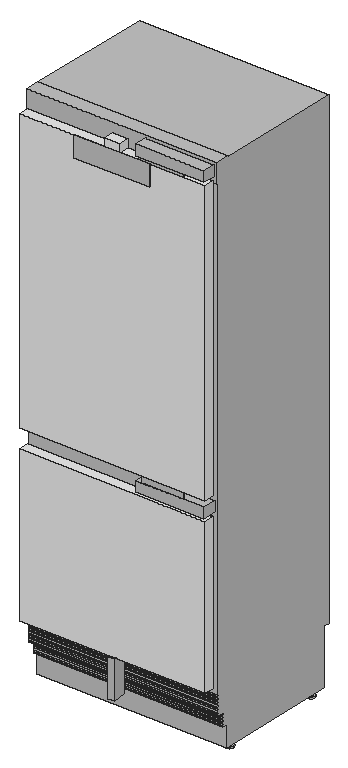
Revit family "FP_Revit_18_RS3084WRUK1_Fridge_90001084A", category Specialty Equipment, Revit 2018
Family settings
  Round Connector Dimension = Use Diameter
  Part Type = Normal
  OmniClass Number = 23.40.40.11.11
  OmniClass Title = Refrigerators and Freezers
  Work Plane-Based = No
  Always vertical = Yes
  Cut with Voids When Loaded = Yes
  Shared = No
  Room Calculation Point = No
Parameters (values of type "RS3084WRUK1")
  Visibility - Water Connection = yes
  Visibility - Visibility Control Note = yes
  Visibility - Clearance Required = yes
  URL = "www.fisherpaykel.com"
  Stainless Steel Door Panels (RD3084WRD) = no
  Product - Width = 756 mm  # constant formula
  Product - Height = 2134 mm  # constant formula
  Product - Depth (exl front panel) = 610 mm  # constant formula
  Model = "RS3084WRUK1"
  Material - Handle = Fisher & Paykel - Aluminium
  Material - Door Structure = Fisher & Paykel - White
  Material - Door Front = Fisher & Paykel - Stainless Steel
  Material - Body = Fisher & Paykel - Grey
  Manufacturer = "Fisher & Paykel Appliances"
  Handle Style - Professional Square (AHV2RD3084W) = no
  Handle Style - Professional Round Flush (AHP3RD3084W) = no
  Handle Style - Professional Round (AHCRD3084W) = no
  Handle Style - Contemporary Square Fine Black (AHD5RD3084WB) = no
  Handle Style - Contemporary Square Fine (AHD5RD3084W) = no
  Handle Style - Contemporary Square (AHD3RD3084W) = no
  Handle Style - Contemporary Round (AHSRD3084W) = no
  Description = "30\" Integrated Column Freezer with internal Ice & Water"
  Connector Description - Water = "1/4\" (6mm) comp. stainless steel braided hose"
  Connector Description - Electrical = "120 V, 10 amp fused electrical supply"
  Cavity - Width = 762 mm  # constant formula
  Cavity - Height = 2134 mm  # constant formula
  Cavity - Depth = 635 mm  # constant formula
Reference planes
  plane 1 "Center (Front/Back)": y = 0
  plane 2: z = 0
  plane 3 "Center (Left/Right)": x = 0
  plane 4 "Product LHS": x = -378
  plane 5 "Product RHS": x = 378
  plane 6 "Product - Depth": y = 610
  plane 7 "Cavity LHS": x = -381
  plane 8 "Cavity RHS": x = 381
  plane 9 "Cavity - Depth": y = 635
  plane 10 "Handle Offset": x = -315
  plane 11 "Product Height": z = 2134
  plane 12 "Cavity Height": z = 2134
  plane 13 "Door Panel Datum": y = -4.1
Forms (mm)
  Extrusion 1, solid, material "Fisher & Paykel - Grey" <- "Material - Body", detail levels fine
    sketch origin (0, 0, 0) x (0, 1, 0) y (0, 0, 1)
      loop
        line (100.1, 19.1) -> (587.9, 19.1) -> (587.9, 239.7) -> (610, 239.7) -> (610, 2132.3) -> (105.1, 2132.3) -> (105.1, 2134) -> (49.9, 2134) -> (49.9, 2059) -> (56, 2059) -> (56, 228.6) -> (59.5, 228.6) -> (59.5, 219.7) -> (56.5, 219.7) -> (56.5, 215.9) -> (59.5, 215.9) -> (59.5, 207) -> (56.5, 207) -> (56.5, 203.2) -> (59.5, 203.2) -> (59.5, 194.3) -> (56.5, 194.3) -> (56.5, 190.5) -> (59.5, 190.5) -> (59.5, 181.6) -> (56.5, 181.6) -> (56.5, 177.8) -> (59.5, 177.8) -> (59.5, 168.9) -> (56.5, 168.9) -> (56.5, 165.1) -> (59.5, 165.1) -> (59.5, 156.2) -> (56.5, 156.2) -> (56.5, 152.4) -> (84.1, 152.4) -> (84.1, 143.5) -> (81.1, 143.5) -> (81.1, 139.7) -> (84.1, 139.7) -> (84.1, 130.8) -> (81.1, 130.8) -> (81.1, 127) -> (84.1, 127) -> (84.1, 118.1) -> (81.1, 118.1) -> (81.1, 114.3) -> (84.1, 114.3) -> (84.1, 105.4) -> (81.1, 105.4) -> (81.1, 101.6) -> (100.1, 101.6) -> (100.1, 19.1)
    from -378 to 378
  Extrusion 2, solid, material "Fisher & Paykel - Grey" <- "Material - Body"
    sketch origin (0, 0, 0) x (1, 0, 0) y (0, 1, 0)
      loop
        circle (-357.5, 547.8) r 4.1
      loop
        circle (-357.5, 141.8) r 4.1
      loop
        circle (357.5, 547.8) r 4.1
      loop
        circle (357.5, 141.8) r 4.1
    from 3 to 19.1
  Extrusion 3, solid, material "Fisher & Paykel - Grey" <- "Material - Body"
    sketch origin (0, 0, 0) x (1, 0, 0) y (0, 1, 0)
      loop
        circle (-357.5, 547.8) r 14.5
      loop
        circle (-357.5, 141.8) r 14.555
      loop
        circle (357.5, 547.8) r 14.5
      loop
        circle (357.5, 141.8) r 14.555
    from 0 to 3
  Extrusion 4, solid, material "Fisher & Paykel - Grey" <- "Material - Body", detail levels fine
    sketch origin (0, 0, 0) x (1, 0, 0) y (0, 1, 0)
      loop
        line (-7.5, 49) -> (-13.797, -4.1) -> (13.797, -4.1) -> (7.5, 49) -> (-7.5, 49)
    from 104.2 to 253.8
  Extrusion 5, solid, material "Fisher & Paykel - Grey" <- "Material - Body", detail levels fine
    sketch origin (0, 0, 0) x (0, 1, 0) y (0, 0, 1)
      loop
        line (0, 2070.6) -> (0, 1988.6) -> (2, 1988.6) -> (2, 2068.6) -> (4, 2068.6) -> (4, 2070.6) -> (0, 2070.6)
    from -150 to 150
  Extrusion 6, solid, material "Fisher & Paykel - Grey" <- "Material - Body"
    sketch origin (0, 0, 0) x (1, 0, 0) y (0, 0, 1)
      loop
        circle (303, 119.813) r 5
      loop
        circle (-303, 119.813) r 5
    from -590 to -587.9
  Extrusion 7, solid, material "Fisher & Paykel - White" <- "Material - Door Structure"
    sketch origin (0, 0, 0) x (1, 0, 0) y (0, 1, 0)
      loop
        line (-353, 56) -> (-353, 42) -> (353, 42) -> (353, 56) -> (-353, 56)
    from 951.3 to 2030.7
  Extrusion 8, solid, material "Fisher & Paykel - White" <- "Material - Door Structure"
    sketch origin (0, 0, 0) x (1, 0, 0) y (0, 1, 0)
      loop
        line (-369.4, 42) -> (-369.4, 3) -> (369.4, 3) -> (369.4, 42) -> (-369.4, 42)
    from 943.8 to 2068.6
  Extrusion 9, solid, material "Fisher & Paykel - White" <- "Material - Door Structure", detail levels fine
    sketch origin (0, 0, 0) x (1, 0, 0) y (0, 0, 1)
      loop
        line (-29.5, 2100.1) -> (-29.5, 2068.6) -> (29.5, 2068.6) -> (29.5, 2100.1) -> (-29.5, 2100.1)
    from -42 to -3
  Extrusion 10, solid, material "Fisher & Paykel - Stainless Steel" <- "Material - Door Front", visible <- "Stainless Steel Door Panels (RD3084WRD)"
    sketch origin (0, 0, 0) x (0, 1, 0) y (0, 0, 1)
      loop
        line (-22.1, 2130.8) -> (-22.1, 876.3) -> (-4.1, 876.3) -> (-4.1, 2130.8) -> (-22.1, 2130.8)
      loop
        line (-22.1, 102) -> (-4.1, 102) -> (-4.1, 873.1) -> (-22.1, 873.1) -> (-22.1, 102)
    from -378 to 378
  Extrusion 11, solid, material "Fisher & Paykel - Grey" <- "Material - Body", detail levels coarse+medium
    sketch origin (0, 0, 0) x (0, 1, 0) y (0, 0, 1)
      loop
        line (49.9, 2134) -> (49.9, 2059) -> (56, 2059) -> (56, 152.4) -> (81.1, 152.4) -> (81.1, 101.6) -> (100.1, 101.6) -> (100.1, 19.1) -> (587.9, 19.1) -> (587.9, 239.7) -> (610, 239.7) -> (610, 2134) -> (49.9, 2134)
    from -378 to 378
  Extrusion 12, solid, material "Fisher & Paykel - Grey" <- "Material - Body", detail levels fine
    sketch origin (0, 0, -4) x (0, 1, 0) y (0, 0, 1)
      loop
        arc (163.888, 23.1) -> (180.4, 13.63) -> (196.912, 23.1) r 19.13
        line (196.912, 23.1) -> (163.888, 23.1)
      loop
        arc (493.888, 23.1) -> (510.4, 13.63) -> (526.912, 23.1) r 19.13
        line (526.912, 23.1) -> (493.888, 23.1)
    from 191 to 219
  Extrusion 13, solid, material "Fisher & Paykel - Grey" <- "Material - Body", detail levels fine
    sketch origin (0, 0, -4) x (0, 1, 0) y (0, 0, -1)
      loop
        line (163.888, -23.1) -> (196.912, -23.1)
        arc (196.912, -23.1) -> (180.4, -13.63) -> (163.888, -23.1) r 19.13
      loop
        line (493.888, -23.1) -> (526.912, -23.1)
        arc (526.912, -23.1) -> (510.4, -13.63) -> (493.888, -23.1) r 19.13
    from 191 to 219
  Extrusion 14, solid, material "Fisher & Paykel - Clearance Required", visible <- "Visibility - Clearance Required", detail levels coarse
    sketch origin (0, 0, 0) x (1, 0, 0) y (0, 1, 0)
      loop
        line (-381, 635) -> (-381, -4.1) -> (381, -4.1) -> (381, 635) -> (-381, 635)
    from 0 to 2134
  Extrusion 15, void
    sketch origin (0, 0, 0) x (1, 0, 0) y (0, 1, 0)
      loop
        line (-381, 635) -> (-381, -22.1) -> (381, -22.1) -> (381, 635) -> (-381, 635)
    from 0 to 2134
  Extrusion 16, solid, material "Fisher & Paykel - Grey" <- "Material - Body", detail levels fine
    sketch origin (0, 0, 0) x (1, 0, 0) y (0, 0, 1)
      loop
        line (118.4, 943.8) -> (118.4, 919.35) -> (282.9, 919.35) -> (282.9, 943.8) -> (118.4, 943.8)
      loop
        line (106, 2081.05) -> (106, 2068.6) -> (282.9, 2068.6) -> (282.9, 2076.05) -> (242.9, 2081.05) -> (106, 2081.05)
    from -7 to -4
  Extrusion 17, solid, material "Fisher & Paykel - White" <- "Material - Door Structure"
    sketch origin (0, 0, 0) x (1, 0, 0) y (0, 1, 0)
      loop
        line (-369.4, 42) -> (-369.4, 3) -> (369.4, 3) -> (369.4, 42) -> (-369.4, 42)
    from 253.8 to 868.15
  Extrusion 18, solid, material "Fisher & Paykel - White" <- "Material - Door Structure"
    sketch origin (0, 0, 0) x (1, 0, 0) y (0, 1, 0)
      loop
        line (-353, 56) -> (-353, 42) -> (353, 42) -> (353, 56) -> (-353, 56)
    from 269.2 to 858.13
  Extrusion 19, solid, material "Fisher & Paykel - Clearance Required", visible <- "Visibility - Clearance Required", detail levels coarse
    sketch origin (0, 0, 0) x (0, 1, 0) y (0, 0, 1)
      loop
        line (-422.1, 873.1) -> (-422.1, 818.896) -> (-482.1, 818.896) -> (-482.1, 781.896) -> (-422.1, 781.896) -> (-422.1, 101.6) -> (-22.1, 101.6) -> (-22.1, 873.1) -> (-422.1, 873.1)
    from -381 to 381
  Extrusion 20, solid, material "Fisher & Paykel - Clearance Required", visible <- "Visibility - Clearance Required", detail levels coarse
    sketch origin (0, -0.697, 0) x (1, 0, 0) y (0, 1, 0)
      loop
        line (-328.5, -21.403) -> (-378, -21.403)
        arc (-378, -21.403) -> (-22.015, -691.254) -> (734.604, -745.593) r 783.517
        line (734.604, -745.593) -> (712.602, -698.253) -> (738.875, -686.002)
        arc (738.875, -686.002) -> (747.815, -661.439) -> (723.252, -652.5) r 18.483
        line (723.252, -652.5) -> (697.006, -664.698) -> (415.915, -59.919)
        arc (415.915, -59.919) -> (380.992, -56.377) -> (378, -21.403) r 27.5
        line (378, -21.403) -> (-328.5, -21.403)
    from 876.3 to 2134
  Extrusion 21, solid, material "Fisher & Paykel - Grey" <- "Material - Body", detail levels fine
    sketch origin (0, 0, 0) x (1, 0, 0) y (0, 0, 1)
      loop
        line (366.4, 2123.15) -> (95.42, 2123.15) -> (95.42, 2081.05) -> (366.4, 2081.05) -> (366.4, 2123.15)
    from -49 to -2.5
  Extrusion 22, solid, material "Fisher & Paykel - Grey" <- "Material - Body", detail levels fine
    sketch origin (0, 0, 0) x (1, 0, 0) y (0, 0, 1)
      loop
        line (366.4, 877.25) -> (366.4, 919.35) -> (95.42, 919.35) -> (95.42, 877.25) -> (366.4, 877.25)
    from -56 to -2.5
Lines and regions (mm)
  model lines, style "Fisher & Paykel"
    curve 1: line (-378, -4.1, 2130.8) -> (378, -4.1, 2130.8)
    curve 2: line (-378, -4.1, 876.3) -> (-378, -4.1, 2130.8)
    curve 3: line (378, -4.1, 876.3) -> (-378, -4.1, 876.3)
    curve 4: line (378, -4.1, 2130.8) -> (378, -4.1, 876.3)
    curve 5: line (378, -4.1, 873.1) -> (-378, -4.1, 873.1)
    curve 6: line (378, -4.1, 102) -> (378, -4.1, 873.1)
    curve 7: line (-378, -4.1, 102) -> (378, -4.1, 102)
    curve 8: line (-378, -4.1, 873.1) -> (-378, -4.1, 102)
Text (mm)
  text "Due to ongoing product development, product details are subject to change without notice. \nPlease always refer to www.fisherpaykel.com for the most current product information. \n© Fisher & Paykel 2020" at (41.04, -878.295, 0), in view "Ref. Level (Plan)"
Dimensions and locks
  equal spacing: plane 4 "Product LHS", plane 3 "Center (Left/Right)", plane 5 "Product RHS"
  "Product - Width": plane 4 "Product LHS" to plane 5 "Product RHS"
  "Product - Depth (exl front panel)": plane 1 "Center (Front/Back)" to plane 6 "Product - Depth"
  equal spacing: plane 7 "Cavity LHS", plane 3 "Center (Left/Right)", plane 8 "Cavity RHS"
  "Cavity - Width": plane 7 "Cavity LHS" to plane 8 "Cavity RHS"
  "Cavity - Depth": plane 9 "Cavity - Depth" to plane 1 "Center (Front/Back)"
  plane 4 "Product LHS" to Extrusion 2 sketch curve = 24.6 mm
  plane 4 "Product LHS" to plane 10 "Handle Offset" = 63 mm
  Extrusion 6 sketch curve to Extrusion 1 = 119.887 mm  (x2)
  Extrusion 6 sketch curve to plane 5 "Product RHS" = 75 mm
  plane 4 "Product LHS" to Extrusion 6 sketch curve = 75 mm
  Extrusion 1 sketch curve to Extrusion 1 sketch curve = 82.5 mm
  Extrusion 1 sketch curve to Extrusion 1 sketch curve = 209.5 mm
  Extrusion 1 sketch curve to Extrusion 1 sketch curve = 220.6 mm
  Extrusion 3 to level = 3 mm
  Extrusion 11 to Extrusion 8 = 924.7 mm
  Extrusion 11 to Extrusion 7 = 932.2 mm
  Extrusion 11 to Extrusion 11 = 2114.9 mm
  Extrusion 11 to Extrusion 10 = 82.9 mm
  "Product - Height": level to plane 11 "Product Height"
  plane 11 "Product Height" to Extrusion 10 = 3.2 mm
  Extrusion 8 to plane 11 "Product Height" = 65.4 mm
  Extrusion 7 to plane 11 "Product Height" = 103.3 mm
  Extrusion 11 sketch curve to plane 11 "Product Height" = 75 mm
  Extrusion 1 sketch curve to plane 11 "Product Height" = 1.7 mm
  Extrusion 1 sketch curve to plane 11 "Product Height" = 75 mm
  "Cavity - Height": plane 12 "Cavity Height" to level
  plane 1 "Center (Front/Back)" to Extrusion 14 = 635 mm
  plane 1 "Center (Front/Back)" to Extrusion 15 = 635 mm
  Extrusion 16 sketch curve to Extrusion 16 sketch curve = 40 mm
  Extrusion 16 sketch curve to plane 3 "Center (Left/Right)" = 106 mm
  Extrusion 16 sketch curve to Extrusion 16 sketch curve = 176.9 mm
  Extrusion 16 sketch curve to plane 3 "Center (Left/Right)" = 118.4 mm
  plane 3 "Center (Left/Right)" to Extrusion 16 sketch curve = 282.9 mm
  Extrusion 15 to level = 2134 mm
  radius of Extrusion 6 sketch curve = 5 mm
  aligned and locked: level to plane 2
  aligned and locked: Extrusion 10 to plane 5 "Product RHS"
  aligned and locked: plane 4 "Product LHS" to Extrusion 10
  aligned and locked: Extrusion 11 to plane 5 "Product RHS"
  aligned and locked: Extrusion 11 to plane 4 "Product LHS"
  aligned and locked: Extrusion 11 sketch curve to plane 11 "Product Height"
  aligned and locked: plane 11 "Product Height" to Extrusion 1 sketch curve
  aligned and locked: Extrusion 12 sketch curve to Extrusion 12 sketch curve
  aligned and locked: Extrusion 13 sketch curve to Extrusion 13 sketch curve
  aligned and locked: Extrusion 1 to plane 5 "Product RHS"
  aligned and locked: plane 4 "Product LHS" to Extrusion 1
  aligned and locked: nested 2 to plane 10 "Handle Offset"
  aligned and locked: nested 3 to plane 10 "Handle Offset"
  aligned and locked: nested 4 to plane 10 "Handle Offset"
  aligned and locked: nested 5 to plane 10 "Handle Offset"
  aligned and locked: nested 6 to plane 10 "Handle Offset"
  aligned and locked: nested 7 to plane 10 "Handle Offset"
  aligned and locked: nested 8 to plane 10 "Handle Offset"
Automatic sketch dimensions
  Extrusion 1 sketch curve to plane 6 "Product - Depth" = 0 mm
  Extrusion 1 sketch curve to Extrusion 1 sketch curve = 22.1 mm
  Extrusion 1 sketch curve to plane 1 "Center (Front/Back)" = 105.1 mm
  level to Extrusion 1 sketch curve = 19.1 mm
  Extrusion 1 sketch curve to plane 1 "Center (Front/Back)" = 100.1 mm
  Extrusion 1 sketch curve to Extrusion 1 sketch curve = 16 mm
  Extrusion 1 sketch curve to Extrusion 1 sketch curve = 0 mm  (x8)
  Extrusion 1 sketch curve to Extrusion 1 sketch curve = 3 mm  (x10)
  Extrusion 1 sketch curve to plane 1 "Center (Front/Back)" = 59.5 mm
  Extrusion 1 sketch curve to plane 1 "Center (Front/Back)" = 56 mm
  Extrusion 1 sketch curve to plane 1 "Center (Front/Back)" = 49.9 mm
  Extrusion 1 sketch curve to Extrusion 1 sketch curve = 3.8 mm  (x10)
  Extrusion 1 sketch curve to Extrusion 1 sketch curve = 8.9 mm  (x9)
  Extrusion 2 sketch curve to plane 4 "Product LHS" = 20.5 mm  (x2)
  plane 5 "Product RHS" to Extrusion 2 sketch curve = 20.5 mm  (x2)
  Extrusion 2 sketch curve to plane 1 "Center (Front/Back)" = 141.8 mm  (x2)
  Extrusion 2 sketch curve to plane 6 "Product - Depth" = 62.2 mm  (x2)
  Extrusion 3 sketch curve to plane 4 "Product LHS" = 20.5 mm  (x2)
  plane 5 "Product RHS" to Extrusion 3 sketch curve = 20.5 mm  (x2)
  Extrusion 3 sketch curve to plane 1 "Center (Front/Back)" = 141.8 mm  (x2)
  Extrusion 3 sketch curve to plane 6 "Product - Depth" = 62.2 mm  (x2)
  plane 1 "Center (Front/Back)" to Extrusion 4 sketch curve = 4.1 mm
  Extrusion 4 sketch curve to plane 3 "Center (Left/Right)" = 13.797 mm
  Extrusion 4 sketch curve to plane 3 "Center (Left/Right)" = 7.5 mm
  plane 3 "Center (Left/Right)" to Extrusion 4 sketch curve = 7.5 mm
  plane 3 "Center (Left/Right)" to Extrusion 4 sketch curve = 13.797 mm
  Extrusion 4 sketch curve to plane 1 "Center (Front/Back)" = 49 mm
  Extrusion 5 sketch curve to plane 1 "Center (Front/Back)" = 0 mm
  Extrusion 5 sketch curve to plane 1 "Center (Front/Back)" = 2 mm
  Extrusion 5 sketch curve to Extrusion 5 sketch curve = 2 mm  (x2)
  plane 11 "Product Height" to Extrusion 5 sketch curve = 145.4 mm
  plane 11 "Product Height" to Extrusion 5 sketch curve = 65.4 mm
  Extrusion 7 sketch curve to plane 4 "Product LHS" = 25 mm
  plane 5 "Product RHS" to Extrusion 7 sketch curve = 25 mm
  Extrusion 7 sketch curve to plane 1 "Center (Front/Back)" = 42 mm
  Extrusion 7 sketch curve to Extrusion 7 sketch curve = 14 mm
  Extrusion 8 sketch curve to plane 1 "Center (Front/Back)" = 3 mm
  Extrusion 8 sketch curve to plane 4 "Product LHS" = 8.6 mm
  plane 5 "Product RHS" to Extrusion 8 sketch curve = 8.6 mm
  Extrusion 8 sketch curve to Extrusion 8 sketch curve = 39 mm
  Extrusion 9 sketch curve to plane 3 "Center (Left/Right)" = 29.5 mm
  plane 3 "Center (Left/Right)" to Extrusion 9 sketch curve = 29.5 mm
  plane 11 "Product Height" to Extrusion 9 sketch curve = 65.4 mm
  Extrusion 9 sketch curve to Extrusion 9 sketch curve = 31.5 mm
  Extrusion 11 sketch curve to plane 6 "Product - Depth" = 0 mm
  Extrusion 11 sketch curve to plane 6 "Product - Depth" = 22.1 mm
  Extrusion 11 sketch curve to plane 1 "Center (Front/Back)" = 100.1 mm
  Extrusion 11 sketch curve to Extrusion 11 sketch curve = 19 mm
  Extrusion 11 sketch curve to plane 1 "Center (Front/Back)" = 56 mm
  Extrusion 11 sketch curve to plane 1 "Center (Front/Back)" = 49.9 mm
  level to Extrusion 11 sketch curve = 239.7 mm
  level to Extrusion 11 sketch curve = 152.4 mm
  Extrusion 11 sketch curve to Extrusion 11 sketch curve = 50.8 mm
  level to Extrusion 11 sketch curve = 19.1 mm
  level to Extrusion 12 sketch curve = 19.1 mm
  Extrusion 12 sketch curve to plane 1 "Center (Front/Back)" = 163.888 mm
  Extrusion 12 sketch curve to Extrusion 12 sketch curve = 16.512 mm  (x2)
  Extrusion 12 sketch curve to plane 6 "Product - Depth" = 116.112 mm
  Extrusion 12 sketch curve to Extrusion 12 sketch curve = 9.66 mm  (x2)
  level to Extrusion 13 sketch curve = 19.1 mm
  Extrusion 13 sketch curve to plane 1 "Center (Front/Back)" = 163.888 mm
  Extrusion 13 sketch curve to Extrusion 13 sketch curve = 16.512 mm  (x2)
  Extrusion 13 sketch curve to plane 6 "Product - Depth" = 116.112 mm
  Extrusion 13 sketch curve to Extrusion 13 sketch curve = 9.66 mm  (x2)
  Extrusion 14 sketch curve to plane 7 "Cavity LHS" = 0 mm
  Extrusion 14 sketch curve to plane 8 "Cavity RHS" = 0 mm
  Extrusion 14 sketch curve to plane 9 "Cavity - Depth" = 0 mm
  plane 1 "Center (Front/Back)" to Extrusion 14 sketch curve = 4.1 mm
  Extrusion 15 sketch curve to plane 7 "Cavity LHS" = 0 mm
  Extrusion 15 sketch curve to plane 8 "Cavity RHS" = 0 mm
  plane 9 "Cavity - Depth" to Extrusion 15 sketch curve = 0 mm
  plane 1 "Center (Front/Back)" to Extrusion 15 sketch curve = 22.1 mm
  level to Extrusion 16 sketch curve = 919.35 mm
  Extrusion 16 sketch curve to Extrusion 16 sketch curve = 24.45 mm
  plane 11 "Product Height" to Extrusion 16 sketch curve = 65.4 mm
  Extrusion 16 sketch curve to Extrusion 16 sketch curve = 7.45 mm
  Extrusion 16 sketch curve to Extrusion 16 sketch curve = 5 mm
  Extrusion 17 sketch curve to plane 1 "Center (Front/Back)" = 3 mm
  Extrusion 17 sketch curve to plane 4 "Product LHS" = 8.6 mm
  plane 5 "Product RHS" to Extrusion 17 sketch curve = 8.6 mm
  Extrusion 17 sketch curve to Extrusion 17 sketch curve = 39 mm
  Extrusion 18 sketch curve to plane 4 "Product LHS" = 25 mm
  plane 5 "Product RHS" to Extrusion 18 sketch curve = 25 mm
  Extrusion 18 sketch curve to plane 1 "Center (Front/Back)" = 42 mm
  Extrusion 18 sketch curve to Extrusion 18 sketch curve = 14 mm
  plane 1 "Center (Front/Back)" to Extrusion 19 sketch curve = 482.1 mm
  Extrusion 19 sketch curve to Extrusion 19 sketch curve = 60 mm
  Extrusion 19 sketch curve to Extrusion 19 sketch curve = 0 mm
  plane 1 "Center (Front/Back)" to Extrusion 19 sketch curve = 22.1 mm
  level to Extrusion 19 sketch curve = 101.6 mm
  Extrusion 19 sketch curve to Extrusion 19 sketch curve = 680.296 mm
  Extrusion 19 sketch curve to Extrusion 19 sketch curve = 37 mm
  Extrusion 19 sketch curve to Extrusion 19 sketch curve = 54.204 mm
  Extrusion 20 sketch curve to plane 4 "Product LHS" = 0 mm
  plane 10 "Handle Offset" to Extrusion 20 sketch curve = 13.5 mm
  plane 5 "Product RHS" to Extrusion 20 sketch curve = 0 mm
  Extrusion 20 sketch curve to plane 8 "Cavity RHS" = 19.59 mm
  Extrusion 20 sketch curve to Extrusion 20 sketch curve = 4.816 mm
  Extrusion 20 sketch curve to Extrusion 20 sketch curve = 10.509 mm
  Extrusion 20 sketch curve to plane 8 "Cavity RHS" = 316.006 mm
  Extrusion 20 sketch curve to Extrusion 20 sketch curve = 15.596 mm
  Extrusion 20 sketch curve to Extrusion 20 sketch curve = 26.246 mm
  Extrusion 20 sketch curve to Extrusion 20 sketch curve = 7.811 mm  (x2)
  Extrusion 20 sketch curve to Extrusion 20 sketch curve = 22.003 mm
  plane 1 "Center (Front/Back)" to Extrusion 20 sketch curve = 746.289 mm
  Extrusion 20 sketch curve to Extrusion 20 sketch curve = 47.339 mm
  Extrusion 20 sketch curve to Extrusion 20 sketch curve = 12.251 mm
  Extrusion 20 sketch curve to Extrusion 20 sketch curve = 16.751 mm
  Extrusion 20 sketch curve to Extrusion 20 sketch curve = 12.199 mm
  Extrusion 20 sketch curve to Extrusion 20 sketch curve = 22.833 mm
  plane 11 "Product Height" to Extrusion 21 sketch curve = 10.85 mm
  plane 3 "Center (Left/Right)" to Extrusion 21 sketch curve = 95.42 mm
  plane 5 "Product RHS" to Extrusion 21 sketch curve = 11.6 mm
  Extrusion 21 sketch curve to Extrusion 21 sketch curve = 42.1 mm
  plane 3 "Center (Left/Right)" to Extrusion 22 sketch curve = 95.42 mm
  plane 5 "Product RHS" to Extrusion 22 sketch curve = 11.6 mm
  level to Extrusion 22 sketch curve = 877.25 mm
  Extrusion 22 sketch curve to Extrusion 22 sketch curve = 42.1 mm
  plane 11 "Product Height" to Extrusion 10 sketch curve = 3.2 mm
  plane 1 "Center (Front/Back)" to Extrusion 10 sketch curve = 22.1 mm
  plane 1 "Center (Front/Back)" to Extrusion 10 sketch curve = 4.1 mm  (x2)
  level to Extrusion 10 sketch curve = 102 mm
  Extrusion 10 sketch curve to Extrusion 10 sketch curve = 774.3 mm
  Extrusion 10 sketch curve to Extrusion 10 sketch curve = 3.2 mm
  Extrusion 10 sketch curve to Extrusion 10 sketch curve = 18 mm
  plane 5 "Product RHS" to curve 5 = 0 mm
  plane 5 "Product RHS" to curve 1 = 0 mm
  plane 4 "Product LHS" to curve 5 = 0 mm
  plane 4 "Product LHS" to curve 2 = 0 mm
  level to curve 6 = 102 mm
  curve 6 to curve 6 = 771.1 mm
  curve 5 to curve 2 = 3.2 mm
  plane 11 "Product Height" to curve 2 = 3.2 mm
  radius of Extrusion 2 sketch curve = 4.1 mm  (x3)
  radius of Extrusion 3 sketch curve = 14.5 mm  (x2)
  radius of Extrusion 3 sketch curve = 14.555 mm  (x2)
  radius of Extrusion 6 sketch curve = 5 mm
Nested families
  nested 1: "Visibility Control Note 18" at (0, 0, 0), visible <- "Visibility - Visibility Control Note", type "Visibility Control Note 18"
  nested 2: "Handle Contemporary Round - Vertical" at (-315, -22.1, 1322.58), visible <- "Handle Style - Contemporary Round (AHSRD3084W)", type "AHSRD3084W - Contemporary round handle (1 of 2) (Vertical) 727mm"
  nested 3: "Handle Contemporary Square - Vertical" at (-315, -22.1, 1322.58), visible <- "Handle Style - Contemporary Square (AHD3RD3084W)", type "AHD3RD3084W - Contemporary square handle (1 of 2) (Vertical) 727mm"
  nested 4: "F&P Handle Kit - Contemporary Square Fine - Vertical" at (-315, -22.1, 1322.58), visible <- "Handle Style - Contemporary Square Fine Black (AHD5RD3084WB)", type "AHD5RD3084WB - Contemporary square fine black handle (1 of 2) (Vertical) 727mm"
  nested 5: "F&P Handle Kit - Contemporary Square Fine - Vertical" at (-315, -22.1, 1322.58), visible <- "Handle Style - Contemporary Square Fine (AHD5RD3084W)", type "AHD5RD3084W - Contemporary square fine handle (1 of 2) (Vertical) 727mm"
  nested 6: "Handle Professional Round - Vertical" at (-315, -22.1, 1322.58), visible <- "Handle Style - Professional Round (AHCRD3084W)", type "AHCRD3084W - Professional round handle (1 of 2) (Vertical) 661mm"
  nested 7: "Handle Professional Round Flush - Vertical" at (-315, -22.1, 1322.58), visible <- "Handle Style - Professional Round Flush (AHP3RD3084W)", type "AHP3RD3084W - Professional round flush handle (1 of 2) (Vertical) 677mm"
  nested 8: "Handle Professional Square - Vertical" at (-315, -22.1, 1322.58), visible <- "Handle Style - Professional Square (AHV2RD3084W)", type "AHV2RD3084W - Professional square handle (1 of 2) (Vertical) 727mm"
  nested 9: "Handle Contemporary Round - Horizontal" at (0, -22.1, 800.364), visible <- "Handle Style - Contemporary Round (AHSRD3084W)", type "AHSRD3084W - Contemporary round handle (2 of 2) (Horizontal) 646mm"
  nested 10: "Handle Contemporary Square - Horizontal" at (0, -22.1, 800.364), visible <- "Handle Style - Contemporary Square (AHD3RD3084W)", type "AHD3RD3084W - Contemporary square handle (2 of 2) (Horizontal) 646mm"
  nested 11: "F&P Handle Kit - Contemporary Square Fine - Horizontal" at (0, -22.1, 800.364), visible <- "Handle Style - Contemporary Square Fine Black (AHD5RD3084WB)", type "AHD5RD7621WB - Contemporary square fine handle black (2 of 2) (Horizontal) 646mm"
  nested 12: "Handle Professional Round - Horizontal" at (0, -22.1, 800.364), visible <- "Handle Style - Professional Round (AHCRD3084W)", type "AHCRD3084W - Professional round handle (2 of 2) (Horizontal) 580mm"
  nested 13: "Handle Professional Round Flush - Horizontal" at (0, -22.1, 800.364), visible <- "Handle Style - Professional Round Flush (AHP3RD3084W)", type "AHP3RD3084W - Professional round flush handle (2 of 2) (Horizontal) 596mm"
  nested 14: "Handle Professional Square - Horizontal" at (0, -22.1, 800.364), visible <- "Handle Style - Professional Square (AHV2RD3084W)", type "AHV2RD3084W - Professional square handle (2 of 2) (Horizontal) 586mm"
  nested 15: "F&P Handle Kit - Contemporary Square Fine - Horizontal" at (0, -22.1, 800.364), visible <- "Handle Style - Contemporary Square Fine (AHD5RD3084W)", type "AHD5RD3084W - Contemporary square fine handle (2 of 2) (Horizontal) 646mm"
Connectors
  electrical at (-303, 590, 119.813), driven by "Connector Description - Electrical"
    settings: on Extrusion 6, index 1, voltage 120 V, apparent load 0 VA, apparent load phase1 0 VA, apparent load phase2 0 VA, apparent load phase3 0 VA, power factor 1, load classification "Other", number of poles 1, system type 30, power factor state 1, is connector primary yes, connector utility no, sub classification motor no, connector description "120 V, 10 amp fused electrical supply"
  piping at (303, 590, 119.813), diameter 12.7, driven by "Visibility - Water Connection", driven by "Connector Description - Water"
    settings: on Extrusion 6, index 2, connector inside diameter 609.6 mm, connector length 0 mm, flow factor 0, pipe flow 0.0 L/s, pressure drop 0.0 Pa, fitting loss kfactor 0, connector angle 0.00°, fixture units 0, engagement length 0 mm, angle of deflection 0.00°, flow configuration 0, flow direction 1, fitting loss method 0, system type 20, joint type 0, gender type 0, connector reference index -1, connector utility 1, adjustable connector no, is connector primary yes, connector description "1/4\" (6mm) comp. stainless steel braided hose"
Definition of nested family "Handle Contemporary Round - Vertical"
  Parameters (values of type "AHSRS80A - Contemporary round handle (1 of 2) (Vertical) 727mm")
    URL = "www.fisherpaykel.com"
    Material - Handle = none
    Manufacturer = "Fisher & Paykel Appliances"
    Handle - Length = 727 mm
  Types (6, lengths in mm): name | Handle - Length
    AHS-RD21 - Contemporary round handle (Vertical) 852mm | 852
    AHSRD2484W - Contemporary round handle (1 of 2) (Vertical) 727mm | 727
    AHSRD3084W - Contemporary round handle (1 of 2) (Vertical) 727mm | 727
    AHS-RD84 - Contemporary round handle (Vertical) 852mm | 852
    AHSRS3272A - Contemporary round handle (1 of 2) (Vertical) 727mm | 727
    AHSRS80A - Contemporary round handle (1 of 2) (Vertical) 727mm | 727
  Reference planes
    plane 1 "Center (Front/Back)": y = 0
    plane 2: z = 0
    plane 3 "Center (Left/Right)": x = 0
    plane 4 "Top": z = 363.5
    plane 5 "Bottom": z = -363.5
    plane 6 "Top Standoff": z = 243.5
    plane 7 "Bottom Standoff": z = -243.5
  Forms (mm)
    Extrusion 1, solid, material <- "Material - Handle"
      sketch origin (0, 0, 0) x (1, 0, 0) y (0, 1, 0)
        loop
          circle (0, -32.3) r 8.7
      from -243.5 to 243.5
    Extrusion 2, solid, material <- "Material - Handle", detail levels fine
      sketch origin (0, 0, 0) x (1, 0, 0) y (0, 1, 0)
        loop
          line (-8.7, 0) -> (-8.7, -32.3)
          arc (-8.7, -32.3) -> (0, -41) -> (8.7, -32.3) r 8.7
          line (8.7, -32.3) -> (8.7, 0) -> (-8.7, 0)
      from 243.5 to 363.5
    Extrusion 3, solid, material <- "Material - Handle", detail levels fine
      sketch origin (0, 0, 0) x (1, 0, 0) y (0, 1, 0)
        loop
          line (-8.7, 0) -> (-8.7, -32.3)
          arc (-8.7, -32.3) -> (0, -41) -> (8.7, -32.3) r 8.7
          line (8.7, -32.3) -> (8.7, 0) -> (-8.7, 0)
      from -363.5 to -243.5
    Sweep 4, void
      path in 3D
        loop
          line (8.7, 0, -363.5) -> (8.7, -32.3, -363.5)
          arc (8.7, -32.3, -363.5) -> (0, -41, -363.5) -> (-8.7, -32.3, -363.5) r 8.7
          line (-8.7, -32.3, -363.5) -> (-8.7, 0, -363.5)
      profile origin (8.7, -16.15, -363.5) x (-1, 0, 0) y (0, 0, -1)
        loop
          line (0, 0) -> (0, -1) -> (1, 0) -> (0, 0)
    Sweep 5, void
      path in 3D
        loop
          line (-8.7, 0, 363.5) -> (-8.7, -32.3, 363.5)
          arc (-8.7, -32.3, 363.5) -> (0, -41, 363.5) -> (8.7, -32.3, 363.5) r 8.7
          line (8.7, -32.3, 363.5) -> (8.7, 0, 363.5)
      profile origin (8.7, -16.15, 363.5) x (-1, 0, 0) y (0, 0, 1)
        loop
          line (0, 0) -> (0, -1) -> (1, 0) -> (0, 0)
    Extrusion 6, solid, material <- "Material - Handle", detail levels coarse+medium
      sketch origin (0, 0, 0) x (1, 0, 0) y (0, 1, 0)
        loop
          line (-8.7, 0) -> (-8.7, -32.3)
          arc (-8.7, -32.3) -> (0, -41) -> (8.7, -32.3) r 8.7
          line (8.7, -32.3) -> (8.7, 0) -> (-8.7, 0)
      from 243.5 to 363.5
    Extrusion 7, solid, material <- "Material - Handle", detail levels coarse+medium
      sketch origin (0, 0, 0) x (1, 0, 0) y (0, 1, 0)
        loop
          line (-8.7, 0) -> (-8.7, -32.3)
          arc (-8.7, -32.3) -> (0, -41) -> (8.7, -32.3) r 8.7
          line (8.7, -32.3) -> (8.7, 0) -> (-8.7, 0)
      from -363.5 to -243.5
  Cuts and joins
    Sweep 4 cuts Extrusion 3
    Sweep 5 cuts Extrusion 2
  Lines and regions (mm)
    sketch lines
      curve 1: line (8.7, 0, -363.5) -> (8.7, -32.3, -363.5)
      curve 2: arc (-8.7, -32.3, -363.5) -> (0, -41, -363.5) -> (8.7, -32.3, -363.5) r 8.7
      curve 3: line (-8.7, -32.3, -363.5) -> (-8.7, 0, -363.5)
      curve 4: line (8.7, -32.3, 363.5) -> (8.7, 0, 363.5)
      curve 5: arc (8.7, -32.3, 363.5) -> (0, -41, 363.5) -> (-8.7, -32.3, 363.5) r 8.7
      curve 6: line (-8.7, 0, 363.5) -> (-8.7, -32.3, 363.5)
  Dimensions and locks
    equal spacing: plane 4 "Top", level, plane 5 "Bottom"
    "Handle - Length": plane 4 "Top" to plane 5 "Bottom"
    locked: plane 4 "Top" to plane 6 "Top Standoff" at 120
    locked: plane 7 "Bottom Standoff" to plane 5 "Bottom" at 120
    Extrusion 2 sketch curve to Extrusion 2 sketch curve = 17.4 mm
    Extrusion 3 sketch curve to Extrusion 3 sketch curve = 17.4 mm
    Extrusion 6 sketch curve to Extrusion 6 sketch curve = 17.4 mm
    Extrusion 7 sketch curve to Extrusion 7 sketch curve = 17.4 mm
    aligned and locked: level to plane 2
    aligned and locked: plane 4 "Top" to Extrusion 2
    aligned and locked: Extrusion 3 to plane 5 "Bottom"
    aligned and locked: plane 7 "Bottom Standoff" to Extrusion 3
    aligned and locked: Extrusion 1 to plane 7 "Bottom Standoff"
    aligned and locked: plane 6 "Top Standoff" to Extrusion 1
    aligned and locked: Extrusion 2 to Extrusion 1
    aligned and locked: Extrusion 6 to Extrusion 1
    aligned and locked: plane 4 "Top" to Extrusion 6
    aligned and locked: Extrusion 7 to Extrusion 1
    aligned and locked: Extrusion 7 to plane 5 "Bottom"
  Automatic sketch dimensions
    Extrusion 1 sketch curve to plane 3 "Center (Left/Right)" = 0 mm
    plane 1 "Center (Front/Back)" to Extrusion 1 sketch curve = 32.3 mm
    plane 1 "Center (Front/Back)" to Extrusion 2 sketch curve = 0 mm
    Extrusion 2 sketch curve to plane 3 "Center (Left/Right)" = 0 mm
    Extrusion 2 sketch curve to plane 3 "Center (Left/Right)" = 8.7 mm
    plane 1 "Center (Front/Back)" to Extrusion 2 sketch curve = 32.3 mm
    plane 1 "Center (Front/Back)" to Extrusion 3 sketch curve = 0 mm
    Extrusion 3 sketch curve to plane 3 "Center (Left/Right)" = 0 mm
    Extrusion 3 sketch curve to plane 3 "Center (Left/Right)" = 8.7 mm
    plane 1 "Center (Front/Back)" to Extrusion 3 sketch curve = 32.3 mm
    Sweep 4 sketch curve to profile plane = 0 mm  (x2)
    Sweep 4 sketch curve to profile plane = 1 mm  (x2)
    Sweep 5 sketch curve to profile plane = 0 mm  (x2)
    Sweep 5 sketch curve to profile plane = 1 mm  (x2)
    Extrusion 6 sketch curve to plane 3 "Center (Left/Right)" = 0 mm
    Extrusion 6 sketch curve to plane 3 "Center (Left/Right)" = 8.7 mm
    plane 1 "Center (Front/Back)" to Extrusion 6 sketch curve = 32.3 mm
    Extrusion 6 sketch curve to Extrusion 6 sketch curve = 32.3 mm
    Extrusion 7 sketch curve to plane 3 "Center (Left/Right)" = 0 mm
    Extrusion 7 sketch curve to plane 3 "Center (Left/Right)" = 8.7 mm
    plane 1 "Center (Front/Back)" to Extrusion 7 sketch curve = 32.3 mm
    Extrusion 7 sketch curve to Extrusion 7 sketch curve = 32.3 mm
    radius of Extrusion 1 sketch curve = 8.7 mm
Definition of nested family "Handle Contemporary Square - Vertical"
  Parameters (values of type "AHD3RS80A - Contemporary square handle (1 of 2) (Vertical) 727mm")
    URL = "www.fisherpaykel.com"
    Material - Handle = none
    Manufacturer = "Fisher & Paykel Appliances"
    Handle - Length = 727 mm
  Types (7, lengths in mm): name | Handle - Length
    (no name) | 727
    AHD3-RD21 - Contemporary square handle (Vertical) 852mm | 852
    AHD3RD2484W - Contemporary square handle (1 of 2) (Vertical) 727mm | 727
    AHD3RD3084W - Contemporary square handle (1 of 2) (Vertical) 727mm | 727
    AHD3-RD84 - Contemporary square handle (Vertical) 852mm | 852
    AHD3RS3272A - Contemporary square handle (1 of 2) (Vertical) 727mm | 727
    AHD3RS80A - Contemporary square handle (1 of 2) (Vertical) 727mm | 727
  Reference planes
    plane 1 "Center (Front/Back)": y = 0
    plane 2: z = 0
    plane 3 "Center (Left/Right)": x = 0
    plane 4 "Top": z = 363.5
    plane 5 "Bottom": z = -363.5
    plane 6 "Top Standoff": z = 243.5
    plane 7 "Bottom Standoff": z = -243.5
  Forms (mm)
    Extrusion 1, solid, material <- "Material - Handle", detail levels fine
      sketch origin (0, 0, 0) x (1, 0, 0) y (0, 1, 0)
        loop
          arc (-7.583, -28.701) -> (-7.89, -29.057) -> (-8, -29.514) r 1
          line (-8, -29.514) -> (-8, -40.5)
          arc (-8, -40.5) -> (-7.561, -41.561) -> (-6.5, -42) r 1.5
          line (-6.5, -42) -> (6.5, -42)
          arc (6.5, -42) -> (7.561, -41.561) -> (8, -40.5) r 1.5
          line (8, -40.5) -> (8, -29.487)
          arc (8, -29.487) -> (7.889, -29.029) -> (7.58, -28.673) r 1
          arc (7.58, -28.673) -> (-0.006, -26.256) -> (-7.583, -28.701) r 13.038
      from -363.5 to 363.5
    Extrusion 2, solid, material <- "Material - Handle", detail levels fine
      sketch origin (0, 0, 0) x (1, 0, 0) y (0, 1, 0)
        loop
          arc (7.058, -28.23) -> (7.466, -28.244) -> (7.674, -27.893) r 0.4
          line (7.674, -27.893) -> (7.674, 0) -> (-7.674, 0) -> (-7.674, -27.86)
          arc (-7.674, -27.86) -> (-7.467, -28.21) -> (-7.06, -28.198) r 0.4
          arc (-7.06, -28.198) -> (0.004, -26.156) -> (7.058, -28.23) r 13.136
      from 243.5 to 363.5
    Extrusion 3, solid, material <- "Material - Handle", detail levels fine
      sketch origin (0, 0, 0) x (1, 0, 0) y (0, 1, 0)
        loop
          arc (7.058, -28.23) -> (7.466, -28.244) -> (7.674, -27.893) r 0.4
          line (7.674, -27.893) -> (7.674, 0) -> (-7.674, 0) -> (-7.674, -27.86)
          arc (-7.674, -27.86) -> (-7.467, -28.21) -> (-7.06, -28.198) r 0.4
          arc (-7.06, -28.198) -> (0.004, -26.156) -> (7.058, -28.23) r 13.136
      from -363.5 to -243.5
    Sweep 4, void
      path in 3D
        loop
          line (-8, -29.514, 363.5) -> (-8, -40.5, 363.5)
          arc (-8, -40.5, 363.5) -> (-7.561, -41.561, 363.5) -> (-6.5, -42, 363.5) r 1.5
          line (-6.5, -42, 363.5) -> (6.5, -42, 363.5)
          arc (6.5, -42, 363.5) -> (7.561, -41.561, 363.5) -> (8, -40.5, 363.5) r 1.5
          line (8, -40.5, 363.5) -> (8, -29.487, 363.5)
      profile origin (8, -34.994, 363.5) x (-1, 0, 0) y (0, 0, 1)
        loop
          line (0, 0) -> (0, -1.3) -> (1.3, 0) -> (0, 0)
    Sweep 5, void
      path in 3D
        loop
          line (8, -29.487, -363.5) -> (8, -40.5, -363.5)
          arc (8, -40.5, -363.5) -> (7.561, -41.561, -363.5) -> (6.5, -42, -363.5) r 1.5
          line (6.5, -42, -363.5) -> (-6.5, -42, -363.5)
          arc (-6.5, -42, -363.5) -> (-7.561, -41.561, -363.5) -> (-8, -40.5, -363.5) r 1.5
          line (-8, -40.5, -363.5) -> (-8, -29.514, -363.5)
      profile origin (8, -34.994, -363.5) x (-1, 0, 0) y (0, 0, -1)
        loop
          line (0, 0) -> (0, -1.3) -> (1.3, 0) -> (0, 0)
    Extrusion 6, void
      sketch origin (0, 0, 0) x (1, 0, 0) y (0, 0, 1)
        loop
          line (-8, -362.2) -> (-8, -363.5) -> (-6.7, -363.5) -> (-8, -362.2)
        loop
          line (8, -362.2) -> (6.7, -363.5) -> (8, -363.5) -> (8, -362.2)
      from 0 to 40
    Extrusion 7, void
      sketch origin (0, 0, 0) x (1, 0, 0) y (0, 0, 1)
        loop
          line (-8, 363.5) -> (-8, 362.2) -> (-6.7, 363.5) -> (-8, 363.5)
        loop
          line (8, 363.5) -> (6.7, 363.5) -> (8, 362.2) -> (8, 363.5)
      from 0 to 40
    Extrusion 8, solid, material <- "Material - Handle", detail levels coarse+medium
      sketch origin (0, 0, 0) x (0, 1, 0) y (0, 0, 1)
        loop
          line (0, 363.5) -> (-42, 363.5) -> (-42, -363.5) -> (0, -363.5) -> (0, -243.5) -> (-26.245, -243.5) -> (-26.245, 243.5) -> (0, 243.5) -> (0, 363.5)
      from -8 to 8
  Cuts and joins
    Sweep 4, Sweep 5, Extrusion 6, Extrusion 7 cuts Extrusion 1
    Extrusion 6 cuts Extrusion 3
    Extrusion 7 cuts Extrusion 2
  Lines and regions (mm)
    sketch lines
      curve 1: line (8, -40.5, 363.5) -> (8, -29.487, 363.5)
      curve 2: arc (8, -40.5, 363.5) -> (7.561, -41.561, 363.5) -> (6.5, -42, 363.5) r 1.5
      curve 3: line (-6.5, -42, 363.5) -> (6.5, -42, 363.5)
      curve 4: arc (-6.5, -42, 363.5) -> (-7.561, -41.561, 363.5) -> (-8, -40.5, 363.5) r 1.5
      curve 5: line (-8, -29.514, 363.5) -> (-8, -40.5, 363.5)
      curve 6: line (8, -29.487, -363.5) -> (8, -40.5, -363.5)
      curve 7: arc (6.5, -42, -363.5) -> (7.561, -41.561, -363.5) -> (8, -40.5, -363.5) r 1.5
      curve 8: line (6.5, -42, -363.5) -> (-6.5, -42, -363.5)
      curve 9: arc (-8, -40.5, -363.5) -> (-7.561, -41.561, -363.5) -> (-6.5, -42, -363.5) r 1.5
      curve 10: line (-8, -40.5, -363.5) -> (-8, -29.514, -363.5)
  Dimensions and locks
    equal spacing: plane 4 "Top", level, plane 5 "Bottom"
    "Handle - Length": plane 4 "Top" to plane 5 "Bottom"
    locked: plane 4 "Top" to plane 6 "Top Standoff" at 120
    locked: plane 7 "Bottom Standoff" to plane 5 "Bottom" at 120
    aligned and locked: level to plane 2
    aligned and locked: plane 4 "Top" to Extrusion 2
    aligned and locked: Extrusion 2 to plane 6 "Top Standoff"
    aligned and locked: plane 4 "Top" to Extrusion 1
    aligned and locked: Extrusion 1 to plane 5 "Bottom"
    aligned and locked: Extrusion 3 to plane 5 "Bottom"
    aligned and locked: plane 7 "Bottom Standoff" to Extrusion 3
    aligned and locked: plane 4 "Top" to Extrusion 8 sketch curve
    aligned and locked: plane 6 "Top Standoff" to Extrusion 8 sketch curve
    aligned and locked: plane 7 "Bottom Standoff" to Extrusion 8 sketch curve
    aligned and locked: plane 5 "Bottom" to Extrusion 8 sketch curve
    aligned and locked: plane 1 "Center (Front/Back)" to Extrusion 8 sketch curve  (x2)
  Automatic sketch dimensions
    Extrusion 1 sketch curve to plane 3 "Center (Left/Right)" = 8 mm
    Extrusion 1 sketch curve to Extrusion 1 sketch curve = 1 mm  (x2)
    Extrusion 1 sketch curve to Extrusion 1 sketch curve = 1.5 mm
    plane 3 "Center (Left/Right)" to Extrusion 1 sketch curve = 0.018 mm
    plane 3 "Center (Left/Right)" to Extrusion 1 sketch curve = 6.5 mm
    plane 3 "Center (Left/Right)" to Extrusion 1 sketch curve = 7 mm
    plane 1 "Center (Front/Back)" to Extrusion 1 sketch curve = 42 mm
    Extrusion 1 sketch curve to Extrusion 1 sketch curve = 1.206 mm
    Extrusion 1 sketch curve to Extrusion 1 sketch curve = 10.986 mm
    Extrusion 1 sketch curve to Extrusion 1 sketch curve = 11.013 mm
    Extrusion 1 sketch curve to Extrusion 1 sketch curve = 0 mm
    plane 1 "Center (Front/Back)" to Extrusion 2 sketch curve = 0 mm
    Extrusion 2 sketch curve to plane 3 "Center (Left/Right)" = 7.674 mm
    Extrusion 2 sketch curve to Extrusion 2 sketch curve = 0.4 mm  (x2)
    Extrusion 2 sketch curve to plane 3 "Center (Left/Right)" = 0.026 mm
    plane 3 "Center (Left/Right)" to Extrusion 2 sketch curve = 7.274 mm
    plane 1 "Center (Front/Back)" to Extrusion 2 sketch curve = 27.86 mm
    Extrusion 2 sketch curve to Extrusion 2 sketch curve = 0.033 mm
    Extrusion 2 sketch curve to Extrusion 2 sketch curve = 11.398 mm
    Extrusion 2 sketch curve to Extrusion 2 sketch curve = 0 mm
    plane 1 "Center (Front/Back)" to Extrusion 3 sketch curve = 0 mm
    Extrusion 3 sketch curve to Extrusion 3 sketch curve = 0.4 mm  (x2)
    Extrusion 3 sketch curve to Extrusion 3 sketch curve = 7.248 mm
    Extrusion 3 sketch curve to Extrusion 3 sketch curve = 7.3 mm
    plane 1 "Center (Front/Back)" to Extrusion 3 sketch curve = 27.86 mm
    Extrusion 3 sketch curve to Extrusion 3 sketch curve = 0.033 mm
    Extrusion 3 sketch curve to Extrusion 3 sketch curve = 11.398 mm
    Extrusion 3 sketch curve to Extrusion 3 sketch curve = 0 mm
    Sweep 4 sketch curve to profile plane = 0 mm  (x2)
    Sweep 4 sketch curve to profile plane = 1.3 mm  (x2)
    Sweep 5 sketch curve to profile plane = 0 mm  (x2)
    Sweep 5 sketch curve to profile plane = 1.3 mm  (x2)
    Extrusion 6 sketch curve to plane 5 "Bottom" = 0 mm  (x2)
    plane 5 "Bottom" to Extrusion 6 sketch curve = 1.3 mm  (x2)
    Extrusion 6 sketch curve to plane 3 "Center (Left/Right)" = 8 mm
    Extrusion 6 sketch curve to Extrusion 6 sketch curve = 1.3 mm  (x2)
    plane 3 "Center (Left/Right)" to Extrusion 6 sketch curve = 8 mm
    Extrusion 7 sketch curve to plane 4 "Top" = 0 mm  (x2)
    Extrusion 7 sketch curve to plane 3 "Center (Left/Right)" = 8 mm
    Extrusion 7 sketch curve to Extrusion 7 sketch curve = 1.3 mm  (x2)
    plane 3 "Center (Left/Right)" to Extrusion 7 sketch curve = 8 mm
    Extrusion 7 sketch curve to plane 4 "Top" = 1.3 mm  (x2)
    plane 1 "Center (Front/Back)" to Extrusion 8 sketch curve = 26.245 mm
    plane 1 "Center (Front/Back)" to Extrusion 8 sketch curve = 42 mm
    Extrusion 3 sketch curve to plane 3 "Center (Left/Right)" = 7.674 mm
Definition of nested family "F&P Handle Kit - Contemporary Square Fine - Vertical"
  Parameters (values of type "AHD5RD90AB - Contemporary square fine black handle (1 of 2) (Vertical) 727mm")
    URL = "www.fisherpaykel.com"
    Material - Handle = none
    Manufacturer = "Fisher & Paykel Appliances"
    Handle - Length = 727 mm
  Types (14): name
    AHD5RD2484W - Contemporary square fine handle (1 of 2) (Vertical) 727mm
    AHD5RD2484WB - Contemporary square fine black handle (1 of 2) (Vertical) 727mm
    AHD5RD3084W - Contemporary square fine handle (1 of 2) (Vertical) 727mm
    AHD5RD3084WB - Contemporary square fine black handle (1 of 2) (Vertical) 727mm
    AHD5RD6121W - Contemporary square fine handle (1 of 2) (Vertical) 727mm
    AHD5RD6121WB - Contemporary square fine black handle (1 of 2) (Vertical) 727mm
    AHD5RD7621W - Contemporary square fine handle (1 of 2) (Vertical) 727mm
    AHD5RD7621WB - Contemporary square fine black handle (1 of 2) (Vertical) 727mm
    AHD5RD36A - Contemporary square fine handle (1 of 2) (Vertical) 727mm
    AHD5RD36AB - Contemporary square fine black handle (1 of 2) (Vertical) 727mm
    AHD5RD80A - Contemporary square fine handle (1 of 2) (Vertical) 727mm
    AHD5RD90A - Contemporary square fine handle (1 of 2) (Vertical) 727mm
    AHD5RD80AB - Contemporary square fine black handle (1 of 2) (Vertical) 727mm
    AHD5RD90AB - Contemporary square fine black handle (1 of 2) (Vertical) 727mm
  Reference planes
    plane 1 "Center (Front/Back)": y = 0
    plane 2: z = 0
    plane 3 "Center (Left/Right)": x = 0
    plane 4 "Top": z = 363.5
    plane 5 "Bottom": z = -363.5
    plane 6 "Top Standoff": z = 243.5
    plane 7 "Bottom Standoff": z = -243.5
  Forms (mm)
    Extrusion 1, solid, material <- "Material - Handle", detail levels fine
      sketch origin (0, 0, 0) x (1, 0, 0) y (0, 1, 0)
        loop
          arc (-6.16, -26.813) -> (-6.554, -27.196) -> (-6.686, -27.728) r 1
          line (-6.686, -27.728) -> (-6.256, -40.035)
          arc (-6.256, -40.035) -> (-5.951, -40.719) -> (-5.257, -41) r 1
          line (-5.257, -41) -> (5.257, -41)
          arc (5.257, -41) -> (5.951, -40.719) -> (6.256, -40.035) r 1
          line (6.256, -40.035) -> (6.686, -27.709)
          arc (6.686, -27.709) -> (6.554, -27.175) -> (6.158, -26.792) r 1
          arc (6.158, -26.792) -> (-0.004, -25.256) -> (-6.16, -26.813) r 13.038
      from -363.5 to 363.5
    Extrusion 2, solid, material <- "Material - Handle", detail levels fine
      sketch origin (0, 0, 0) x (1, 0, 0) y (0, 1, 0)
        loop
          arc (6.012, -26.626) -> (6.494, -26.614) -> (6.741, -26.2) r 0.5
          line (6.741, -26.2) -> (7.7, 0) -> (-7.7, 0) -> (-6.742, -26.174)
          arc (-6.742, -26.174) -> (-6.496, -26.587) -> (-6.015, -26.6) r 0.5
          arc (-6.015, -26.6) -> (0.002, -25.156) -> (6.012, -26.626) r 13.136
      from 243.5 to 363.5
    Extrusion 3, solid, material <- "Material - Handle", detail levels coarse+medium
      sketch origin (0, 0, 0) x (0, 1, 0) y (0, 0, 1)
        loop
          line (0, 363.5) -> (-42, 363.5) -> (-42, -363.5) -> (0, -363.5) -> (0, -243.5) -> (-26.245, -243.5) -> (-26.245, 243.5) -> (0, 243.5) -> (0, 363.5)
      from -8 to 8
    Extrusion 4, solid, material <- "Material - Handle", detail levels fine
      sketch origin (0, 0, 0) x (1, 0, 0) y (0, 1, 0)
        loop
          arc (6.012, -26.626) -> (6.494, -26.614) -> (6.741, -26.2) r 0.5
          line (6.741, -26.2) -> (7.7, 0) -> (-7.7, 0) -> (-6.742, -26.174)
          arc (-6.742, -26.174) -> (-6.496, -26.587) -> (-6.015, -26.6) r 0.5
          arc (-6.015, -26.6) -> (0.002, -25.156) -> (6.012, -26.626) r 13.136
      from -363.5 to -243.5
  Dimensions and locks
    equal spacing: plane 4 "Top", level, plane 5 "Bottom"
    "Handle - Length": plane 4 "Top" to plane 5 "Bottom"
    locked: plane 4 "Top" to plane 6 "Top Standoff" at 120
    locked: plane 7 "Bottom Standoff" to plane 5 "Bottom" at 120
    aligned and locked: level to plane 2
    aligned and locked: plane 4 "Top" to Extrusion 2
    aligned and locked: Extrusion 2 to plane 6 "Top Standoff"
    aligned and locked: plane 4 "Top" to Extrusion 1
    aligned and locked: Extrusion 1 to plane 5 "Bottom"
    aligned and locked: plane 4 "Top" to Extrusion 3 sketch curve
    aligned and locked: plane 6 "Top Standoff" to Extrusion 3 sketch curve
    aligned and locked: plane 7 "Bottom Standoff" to Extrusion 3 sketch curve
    aligned and locked: plane 5 "Bottom" to Extrusion 3 sketch curve
    aligned and locked: Extrusion 4 to plane 5 "Bottom"
    aligned and locked: plane 7 "Bottom Standoff" to Extrusion 4
  Automatic sketch dimensions
    Extrusion 1 sketch curve to plane 3 "Center (Left/Right)" = 6.686 mm
    Extrusion 1 sketch curve to plane 3 "Center (Left/Right)" = 6.256 mm
    Extrusion 1 sketch curve to Extrusion 1 sketch curve = 0.999 mm  (x4)
    plane 3 "Center (Left/Right)" to Extrusion 1 sketch curve = 0.018 mm
    plane 3 "Center (Left/Right)" to Extrusion 1 sketch curve = 5.257 mm
    plane 3 "Center (Left/Right)" to Extrusion 1 sketch curve = 5.687 mm
    plane 1 "Center (Front/Back)" to Extrusion 1 sketch curve = 41 mm
    Extrusion 1 sketch curve to Extrusion 1 sketch curve = 0.965 mm  (x2)
    Extrusion 1 sketch curve to Extrusion 1 sketch curve = 1.706 mm
    Extrusion 1 sketch curve to Extrusion 1 sketch curve = 12.307 mm
    Extrusion 1 sketch curve to Extrusion 1 sketch curve = 12.326 mm
    Extrusion 1 sketch curve to Extrusion 1 sketch curve = 0.035 mm  (x2)
    Extrusion 1 sketch curve to Extrusion 1 sketch curve = 0 mm
    plane 1 "Center (Front/Back)" to Extrusion 2 sketch curve = 0 mm
    Extrusion 2 sketch curve to plane 3 "Center (Left/Right)" = 7.7 mm
    Extrusion 2 sketch curve to plane 3 "Center (Left/Right)" = 6.742 mm
    Extrusion 2 sketch curve to Extrusion 2 sketch curve = 0.5 mm  (x2)
    Extrusion 2 sketch curve to plane 3 "Center (Left/Right)" = 0.026 mm
    plane 3 "Center (Left/Right)" to Extrusion 2 sketch curve = 6.242 mm
    plane 3 "Center (Left/Right)" to Extrusion 2 sketch curve = 7.7 mm
    plane 1 "Center (Front/Back)" to Extrusion 2 sketch curve = 26.155 mm
    Extrusion 2 sketch curve to Extrusion 2 sketch curve = 0.018 mm  (x2)
    Extrusion 2 sketch curve to Extrusion 2 sketch curve = 0.026 mm
    Extrusion 2 sketch curve to Extrusion 2 sketch curve = 12.11 mm
    Extrusion 2 sketch curve to Extrusion 2 sketch curve = 0 mm
    plane 1 "Center (Front/Back)" to Extrusion 3 sketch curve = 42 mm
    Extrusion 3 sketch curve to Extrusion 3 sketch curve = 15.755 mm
    Extrusion 3 sketch curve to Extrusion 3 sketch curve = 42 mm  (x2)
    Extrusion 4 sketch curve to plane 3 "Center (Left/Right)" = 7.7 mm
    Extrusion 4 sketch curve to plane 3 "Center (Left/Right)" = 6.742 mm
    Extrusion 4 sketch curve to Extrusion 4 sketch curve = 0.5 mm  (x2)
    Extrusion 4 sketch curve to plane 3 "Center (Left/Right)" = 0.026 mm
    plane 3 "Center (Left/Right)" to Extrusion 4 sketch curve = 6.242 mm
    plane 3 "Center (Left/Right)" to Extrusion 4 sketch curve = 7.7 mm
    plane 1 "Center (Front/Back)" to Extrusion 4 sketch curve = 38.291 mm
    Extrusion 4 sketch curve to Extrusion 4 sketch curve = 12.091 mm
    Extrusion 4 sketch curve to Extrusion 4 sketch curve = 0.018 mm  (x2)
    Extrusion 4 sketch curve to Extrusion 4 sketch curve = 0.452 mm
    Extrusion 4 sketch curve to Extrusion 4 sketch curve = 26.174 mm
    Extrusion 4 sketch curve to Extrusion 4 sketch curve = 0 mm
Definition of nested family "Handle Professional Round - Vertical"
  Parameters (values of type "AHCRD2484W - Professional round handle (1 of 2) (Vertical) 661mm")
    URL = "www.fisherpaykel.com"
    Material - Standoff = none
    Material - Handle = none
    Manufacturer = "Fisher & Paykel Appliances"
    Handle - Length = 661 mm
  Types (4, lengths in mm): name | Handle - Length
    AHCRD2484W - Professional round handle (1 of 2) (Vertical) 661mm | 661
    AHCRD3084W - Professional round handle (1 of 2) (Vertical) 661mm | 661
    AHC-RD84 - Professional round handle (Vertical) 786mm | 786
    AHCRS3272A - Professional round handle (1 of 2) (Vertical) 661mm | 661
  Reference planes
    plane 1 "Center (Front/Back)": y = 0
    plane 2: z = 0
    plane 3 "Center (Left/Right)": x = 0
    plane 4 "Top": z = 330.5
    plane 5 "Bottom": z = -330.5
    plane 6 "Top Standoff": z = 286.5
    plane 7 "Bottom Standoff": z = -286.5
  Forms (mm)
    Extrusion 1, solid, material <- "Material - Standoff", detail levels fine
      sketch origin (0, 0, 0) x (1, 0, 0) y (0, 1, 0)
        loop
          line (-18.5, 0) -> (-18.5, -41.7)
          arc (-18.5, -41.7) -> (0, -60.2) -> (18.5, -41.7) r 18.5
          line (18.5, -41.7) -> (18.5, 0) -> (-18.5, 0)
      from 286.5 to 330.5
    Extrusion 2, solid, material <- "Material - Standoff", detail levels fine
      sketch origin (0, 0, 0) x (1, 0, 0) y (0, 1, 0)
        loop
          line (-18.5, 0) -> (-18.5, -41.7)
          arc (-18.5, -41.7) -> (0, -60.2) -> (18.5, -41.7) r 18.5
          line (18.5, -41.7) -> (18.5, 0) -> (-18.5, 0)
      from -330.5 to -286.5
    Extrusion 3, solid, material <- "Material - Handle"
      sketch origin (0, 0, 0) x (1, 0, 0) y (0, 1, 0)
        loop
          circle (0, -41.7) r 12.7
      from -286.5 to 286.5
    Sweep 4, void
      path in 3D
        loop
          line (-18.5, 0, 330.5) -> (-18.5, -41.7, 330.5)
          arc (-18.5, -41.7, 330.5) -> (0, -60.2, 330.5) -> (18.5, -41.7, 330.5) r 18.5
          line (18.5, -41.7, 330.5) -> (18.5, 0, 330.5)
      profile origin (18.5, -20.85, 330.5) x (-1, 0, 0) y (0, 0, 1)
        loop
          line (0, 0) -> (0, -3) -> (3, 0) -> (0, 0)
    Sweep 5, void
      path in 3D
        loop
          line (18.5, 0, -330.5) -> (18.5, -41.7, -330.5)
          arc (18.5, -41.7, -330.5) -> (0, -60.2, -330.5) -> (-18.5, -41.7, -330.5) r 18.5
          line (-18.5, -41.7, -330.5) -> (-18.5, 0, -330.5)
      profile origin (18.5, -20.85, -330.5) x (-1, 0, 0) y (0, 0, -1)
        loop
          line (0, 0) -> (0, -3) -> (3, 0) -> (0, 0)
    Extrusion 6, solid, material <- "Material - Standoff", detail levels coarse+medium
      sketch origin (0, 0, 0) x (1, 0, 0) y (0, 1, 0)
        loop
          line (-18.5, 0) -> (-18.5, -41.7)
          arc (-18.5, -41.7) -> (0, -60.2) -> (18.5, -41.7) r 18.5
          line (18.5, -41.7) -> (18.5, 0) -> (-18.5, 0)
      from 286.5 to 330.5
    Extrusion 7, solid, material <- "Material - Standoff", detail levels coarse+medium
      sketch origin (0, 0, 0) x (1, 0, 0) y (0, 1, 0)
        loop
          line (-18.5, 0) -> (-18.5, -41.7)
          arc (-18.5, -41.7) -> (0, -60.2) -> (18.5, -41.7) r 18.5
          line (18.5, -41.7) -> (18.5, 0) -> (-18.5, 0)
      from -330.5 to -286.5
  Cuts and joins
    Sweep 4 cuts Extrusion 1
    Sweep 5 cuts Extrusion 2
  Lines and regions (mm)
    sketch lines
      curve 1: line (18.5, -41.7, 330.5) -> (18.5, 0, 330.5)
      curve 2: arc (18.5, -41.7, 330.5) -> (0, -60.2, 330.5) -> (-18.5, -41.7, 330.5) r 18.5
      curve 3: line (-18.5, 0, 330.5) -> (-18.5, -41.7, 330.5)
      curve 4: line (18.5, 0, -330.5) -> (18.5, -41.7, -330.5)
      curve 5: arc (-18.5, -41.7, -330.5) -> (0, -60.2, -330.5) -> (18.5, -41.7, -330.5) r 18.5
      curve 6: line (-18.5, -41.7, -330.5) -> (-18.5, 0, -330.5)
  Dimensions and locks
    equal spacing: plane 4 "Top", level, plane 5 "Bottom"
    "Handle - Length": plane 4 "Top" to plane 5 "Bottom"
    plane 4 "Top" to plane 6 "Top Standoff" = 44 mm
    plane 7 "Bottom Standoff" to plane 5 "Bottom" = 44 mm
    aligned and locked: level to plane 2
    aligned and locked: plane 4 "Top" to Extrusion 1
    aligned and locked: Extrusion 1 to plane 6 "Top Standoff"
    aligned and locked: Extrusion 2 to plane 5 "Bottom"
    aligned and locked: plane 7 "Bottom Standoff" to Extrusion 2
    aligned and locked: plane 6 "Top Standoff" to Extrusion 3
    aligned and locked: Extrusion 3 to plane 7 "Bottom Standoff"
    aligned and locked: plane 4 "Top" to Extrusion 6
    aligned and locked: Extrusion 7 to plane 5 "Bottom"
    aligned and locked: plane 7 "Bottom Standoff" to Extrusion 7
    aligned and locked: Extrusion 6 to plane 6 "Top Standoff"
  Automatic sketch dimensions
    plane 1 "Center (Front/Back)" to Extrusion 1 sketch curve = 0 mm
    Extrusion 1 sketch curve to plane 3 "Center (Left/Right)" = 0 mm
    Extrusion 1 sketch curve to plane 3 "Center (Left/Right)" = 18.5 mm
    plane 1 "Center (Front/Back)" to Extrusion 1 sketch curve = 41.7 mm
    plane 1 "Center (Front/Back)" to Extrusion 2 sketch curve = 0 mm
    Extrusion 2 sketch curve to plane 3 "Center (Left/Right)" = 0 mm
    Extrusion 2 sketch curve to plane 3 "Center (Left/Right)" = 18.5 mm
